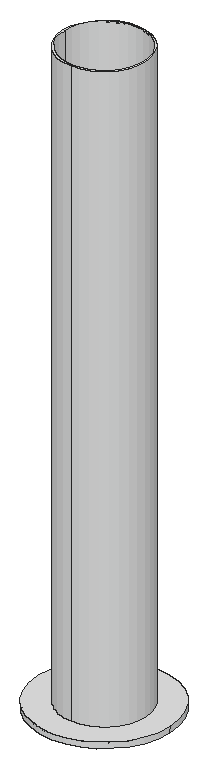
Revit family "Lighting-Surface-Amerlux-Finch", category Lighting Fixtures, host Face, Revit 2020
Family settings
  Host = Face
  Round Connector Dimension = Use Diameter
  Part Type = Normal
  Cut with Voids When Loaded = No
  Light Source = Yes
  Shared = No
  Room Calculation Point = No
Parameters (values of type "FIN9-SMF")
  Wattage = 9.2903 W
  built-in parameter 1150110 = 1 (stored number, unit not read)
  Voltage = 0 V
  Uplight [instance] = yes
  URL = "http://www.amerlux.com/"
  built-in parameter 1114217 = 1 (stored number, unit not read)
  Tilt Angle = -90.00°
  built-in parameter 1150109 = 1 (stored number, unit not read)
  built-in parameter 1150134 = 3
  built-in parameter 1150113 = 1 (stored number, unit not read)
  Power Factor = 1
  Photometric Web File = "Load File"
  Number of Poles = 1
  built-in parameter 1150142 = (empty or 0)
  Model = "Finch"
  Manufacturer = "Amerlux"
  built-in parameter 1150105 = 109.82 (stored number, unit not read)
  Lumens = 1380 lm
  built-in parameter 1150115 = 1 (stored number, unit not read)
  built-in parameter 1150137 = (empty or 0)
  built-in parameter 1150139 = (empty or 0)
  built-in parameter 1150112 = 1 (stored number, unit not read)
  built-in parameter 1150114 = 1 (stored number, unit not read)
  built-in parameter 1150132 = (empty or 0)
  built-in parameter 1150102 = (empty or 0)
  built-in parameter 1150107 = 3200 (stored number, unit not read)
  built-in parameter 1150138 = (empty or 0)
  built-in parameter 1150106 = 1.0982 (stored number, unit not read)
  Fixture Length = 0' - 9"
  Fixture Finish = Aluminum Finish
  Emit from Circle Diameter = 0' - 1 1/4"
  Emit Shape Visible in Rendering = no
  built-in parameter 1150104 = 13.8 (stored number, unit not read)
  Dimming Lamp Color Temperature Shift = <None>
  Description = "Surface Mount"
  Default Elevation = 4' - 0"
  Color Filter = 16777215
  built-in parameter 1114218 = 1 (stored number, unit not read)
  built-in parameter 1150133 = 10 (stored number, unit not read)
  Apparent Load = 0 VA
Types (6): name | Fixture Length
  (no name) | 0' - 9"
  FIN3-SMF | 0' - 3"
  FIN6-SMF | 0' - 6"
  FIN9-SMF | 0' - 9"
  FIN12-SMF | 1' - 0"
  FIN18-SMF | 1' - 6"
Reference planes (in)
  plane 1 "Center (Front/Back)": y = 0
  plane 2: z = 0
  plane 3 "Center (Left/Right)": x = 0
  plane 4: z = 0
  plane 5: z = 9
  plane 6: y = 3
  plane 7: y = -3
  plane 8: x = -1.73065
  plane 9: x = 1.73065
  plane 10: z = 0.4375
Forms (in)
  Extrusion 1, solid, material "Aluminum Finish"
    sketch origin (0, 0, -16.41762) x (0, 1, 0) y (-1, 0, 0)
      loop
        circle (0, 0) r 0.625
    from 16.5 to 25.41762
  Extrusion 2, solid, material "Aluminum Finish"
    sketch origin (0, 0, 0) x (1, 0, 0) y (0, 1, 0)
      loop
        circle (0, 0) r 1
    from 0 to 0.08238
  Extrusion 3, void
    sketch origin (0, 1.0625, 3.08238) x (1, 0, 0) y (0, 1, 0)
      loop
        circle (0, -1.06397) r 0.60504
    from 4.41627 to 5.91762
Cuts and joins
  Extrusion 3 cuts Extrusion 1
Dimensions and locks (in)
  plane 4 to host face = 0' - 0"
  equal spacing: plane 6, plane 1 "Center (Front/Back)", plane 7
  locked: plane 6 to plane 7 at 6
  locked: cut or joined group of Extrusion 1, Extrusion 3 to cut or joined group of Extrusion 1, Extrusion 3 at 1.50135
  "Fixture Length": cut or joined group of Extrusion 1, Extrusion 3 to host face
  "Fixture Length": plane 5 to host face
  diameter of Extrusion 1 sketch curve = 0' - 1 1/4"
  aligned and locked: plane 2 to host face
  aligned and locked: level to host face
  aligned and locked: plane 3 "Center (Left/Right)" to imposter light
  aligned and locked: imposter light to plane 5
  aligned and locked: plane 5 to cut or joined group of Extrusion 1, Extrusion 3
Automatic sketch dimensions
  host sketch curve to host sketch curve = 8' - 0"  (x2)
  plane 1 "Center (Front/Back)" to Extrusion 2 sketch curve = 0' - 0"
  Extrusion 2 sketch curve to plane 3 "Center (Left/Right)" = 0' - 0"
  plane 1 "Center (Front/Back)" to Extrusion 1 sketch curve = 0' - 0"
  Extrusion 1 sketch curve to plane 3 "Center (Left/Right)" = 0' - 0"
  Extrusion 3 sketch curve to plane 3 "Center (Left/Right)" = 0' - 0"
  plane 1 "Center (Front/Back)" to Extrusion 3 sketch curve = 0' - 0.00147"
  radius of Extrusion 2 sketch curve = 0' - 1"
  radius of Extrusion 3 sketch curve = 0' - 0.60504"
Connectors (in)
  electrical at (0, 0, 0), driven by "Number of Poles", driven by "Voltage", driven by "Power Factor"
    settings: on Extrusion 2, index 1, voltage 0 V, apparent load 0 VA, apparent load phase1 0 VA, apparent load phase2 0 VA, apparent load phase3 0 VA, power factor 1, load classification "Other", number of poles 1, system type 31, power factor state 1, is connector primary yes, connector utility no, sub classification motor no, connector description ""
